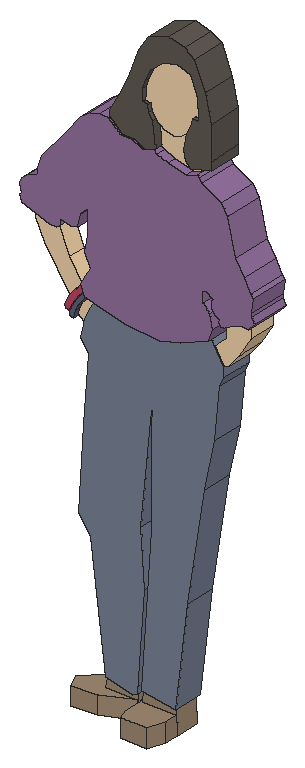
Revit family
Parameters (values of type "Lady")
  Height = 0 mm
  Assembly Code = ""
Types (2): name
  Man
  Lady
Reference planes
  plane 1 "Center (Front/Back)": y = 0
  plane 2: z = 0
  plane 3 "Center (Left/Right)": x = -11.745
Forms (mm)
  Extrusion 1, solid, material "Fabric - Suede Brown"
    sketch origin (-177.178, 0, 0) x (1, 0, 0) y (0, 1, 0)
      loop
        line (137.832, -25) -> (137.832, -99.027) -> (149.299, -130.532) -> (223.885, -130.532) -> (239.929, -83.935) -> (239.929, -25) -> (137.832, -25)
    from 0 to 52.301
  Extrusion 2, solid, material "Fabric - Suede Brown"
    sketch origin (221.076, 0, 10.485) x (-1, 0, 0) y (0, 0, -1)
      loop
        line (158.722, -56.789) -> (252.364, -71.078) -> (260.375, 10) -> (155.222, 10) -> (158.722, -56.789)
    from -24.379 to 44.359
  Extrusion 3, solid, material "Fabric - Chocolate Brown"
    sketch origin (0, 0, 0) x (1, 0, 0) y (0, 0, 1)
      loop
        line (-119.673, 1519.841) -> (-104.356, 1506.127) -> (-84.457, 1486.228) -> (-49.328, 1486.228) -> (-22.833, 1470.932) -> (10.301, 1481.698) -> (4.21, 1551.432) -> (-7.628, 1569.201) -> (-11.745, 1587.387) -> (-26.586, 1590.542) -> (-25.798, 1624.365) -> (-17.248, 1647.857) -> (-2.456, 1679.578) -> (35.004, 1711.011) -> (73.979, 1720.009) -> (111.79, 1706.247) -> (117.41, 1692.339) -> (129.77, 1654.297) -> (134.441, 1600.824) -> (130.906, 1597.288) -> (117.653, 1597.288) -> (114.534, 1582.616) -> (109.404, 1568.521) -> (99.404, 1551.2) -> (90.048, 1507.183) -> (98.096, 1482.414) -> (112.192, 1468.317) -> (170.655, 1481.814) -> (170.655, 1506.814) -> (170.655, 1601.037) -> (153.363, 1675.933) -> (123.395, 1750.108) -> (93.83, 1768.841) -> (49.013, 1780.85) -> (-9.752, 1761.757) -> (-37.063, 1718.655) -> (-62.714, 1648.179) -> (-94.673, 1579.643) -> (-119.673, 1536.341) -> (-119.673, 1519.841)
    from -38.838 to 54.935
  Extrusion 4, solid, material "Fabric - Pale Skin"
    sketch origin (0, 0, 0) x (1, 0, 0) y (0, 0, 1)
      loop
        line (74.654, 1719.763) -> (34.344, 1710.457) -> (-2.456, 1679.578) -> (-25.798, 1624.365) -> (-26.586, 1590.542) -> (-11.745, 1587.387) -> (-7.628, 1569.201) -> (4.21, 1551.432) -> (28.848, 1531.953) -> (53.302, 1526.755) -> (78.076, 1534.33) -> (99.287, 1551.506) -> (109.904, 1569.895) -> (114.534, 1582.616) -> (117.653, 1597.288) -> (130.906, 1597.288) -> (134.441, 1600.824) -> (128.94, 1663.8) -> (111.79, 1706.247) -> (74.654, 1719.763)
    from -25 to 45
  Extrusion 5, solid, material "Fabric - Pale Skin"
    sketch origin (0, 0, 0) x (1, 0, 0) y (0, 0, 1)
      loop
        line (99.504, 1551.672) -> (77.021, 1534.462) -> (53.302, 1526.755) -> (28.848, 1531.953) -> (4.21, 1551.432) -> (10.301, 1481.698) -> (19.183, 1475.72) -> (50.619, 1462.376) -> (101.548, 1449.678) -> (132.891, 1458.666) -> (112.192, 1468.317) -> (99.109, 1482.652) -> (90.479, 1509.213) -> (99.504, 1551.672)
    from -15.375 to 33.561
  Extrusion 6, solid, material "Fabric - Pale Skin"
    sketch origin (0, 0, 0) x (1, 0, 0) y (0, 0, 1)
      loop
        line (-352.673, 1211.841) -> (-348.942, 1171.639) -> (-323.585, 1117.26) -> (-250.058, 1004.04) -> (-244.713, 1015.503) -> (-232.626, 1029.907) -> (-214.949, 1047.585) -> (-252.586, 1105.541) -> (-286.3, 1188.987) -> (-352.673, 1211.841)
    from -20 to 30
  Extrusion 7, solid, material "Fabric - Pale Skin"
    sketch origin (0, 0, 0) x (1, 0, 0) y (0, 0, 1)
      loop
        line (-194.673, 1026.341) -> (-218.655, 999.707) -> (-230.416, 967.753) -> (-201.653, 945.281) -> (-194.12, 975.493) -> (-177.143, 1008.812) -> (-194.673, 1026.341)
    from -20 to 30
  Extrusion 8, solid, material "Fabric - Cadinal Red"
    sketch origin (0, 0, 0) x (1, 0, 0) y (0, 0, 1)
      loop
        line (-214.949, 1047.585) -> (-223.787, 1038.746) -> (-244.713, 1015.503) -> (-250.058, 1004.04) -> (-257.617, 986.554) -> (-254.901, 978.667) -> (-249.016, 974.546) -> (-245.068, 975.604) -> (-240.848, 983.888) -> (-230.259, 1004.67) -> (-216.872, 1023.788) -> (-202.73, 1037.93) -> (-200.84, 1041.982) -> (-200.84, 1045.156) -> (-203.696, 1048.012) -> (-208.526, 1049.306) -> (-214.949, 1047.585)
    from -30 to 40.636
  Extrusion 9, solid, material "Fabric - Sapphire Blue"
    sketch origin (0, 0, 0) x (1, 0, 0) y (0, 0, 1)
      loop
        line (-202.066, 1038.108) -> (-216.585, 1023.59) -> (-229.525, 1004.405) -> (-244.292, 975.422) -> (-244.292, 963.633) -> (-238.58, 959.633) -> (-232.838, 961.171) -> (-226.358, 982.118) -> (-219.103, 999.209) -> (-194.673, 1026.341) -> (-192.673, 1031.416) -> (-194.562, 1036.635) -> (-198.571, 1039.044) -> (-202.066, 1038.108)
    from -30 to 41.582
  Extrusion 10, solid, material "Fabric - Pale Skin"
    sketch origin (0, 0, 0) x (1, 0, 0) y (0, 0, 1)
      loop
        line (212.327, 1099.841) -> (208.827, 1097.821) -> (208.827, 1066.591) -> (197.729, 1055.493) -> (176.516, 1034.28) -> (188.806, 1012.992) -> (201.306, 991.341) -> (216.662, 1000.207) -> (245.488, 1034.56) -> (279.932, 1089.684) -> (279.932, 1119.684) -> (256.379, 1119.684) -> (238.308, 1114.841) -> (212.327, 1099.841)
    from -25 to 50
  Extrusion 11, solid, material "Fabric - Purple"
    sketch origin (0, 0, 0) x (1, 0, 0) y (0, 0, 1)
      loop
        line (136.306, 1461.334) -> (132.891, 1458.666) -> (101.548, 1449.678) -> (50.619, 1462.376) -> (19.396, 1475.163) -> (9.886, 1481.563) -> (-22.833, 1470.932) -> (-49.328, 1486.228) -> (-84.457, 1486.228) -> (-104.356, 1506.127) -> (-118.087, 1518.422) -> (-144.432, 1518.422) -> (-173.409, 1510.657) -> (-197.984, 1493.45) -> (-240.111, 1437.545) -> (-310.297, 1353.901) -> (-321.692, 1320.808) -> (-321.692, 1303.094) -> (-347.83, 1291.456) -> (-365.083, 1278.793) -> (-370.415, 1263.308) -> (-365.253, 1240.949) -> (-370.34, 1235.863) -> (-365.841, 1216.375) -> (-285.129, 1188.584) -> (-267.614, 1188.584) -> (-255.926, 1197.163) -> (-255.926, 1211.655) -> (-226.873, 1203.87) -> (-207.385, 1208.369) -> (-197.033, 1247.007) -> (-179.355, 1264.684) -> (-179.355, 1195.851) -> (-187.169, 1151.534) -> (-170.9, 1114.992) -> (-178.127, 1101.954) -> (-197.49, 1067.022) -> (-186.252, 1039.206) -> (-160.265, 1032.243) -> (-71.784, 1008.534) -> (27.973, 1001.559) -> (86.802, 1017.322) -> (165.612, 1049.163) -> (178.884, 1082.013) -> (168.977, 1118.987) -> (148.327, 1139.637) -> (148.327, 1169.637) -> (159.085, 1174.427) -> (180.556, 1159.393) -> (175.311, 1154.148) -> (174.186, 1138.053) -> (184.347, 1123.542) -> (196.634, 1114.938) -> (194.683, 1107.655) -> (199.843, 1097.976) -> (208.827, 1097.976) -> (212.327, 1099.841) -> (239.219, 1114.178) -> (257.167, 1118.987) -> (279.932, 1118.987) -> (296.016, 1135.071) -> (287.881, 1153.341) -> (287.881, 1163.395) -> (294.827, 1202.788) -> (286.063, 1211.552) -> (269.794, 1248.094) -> (243.202, 1289.042) -> (221.23, 1384.213) -> (203.73, 1414.524) -> (147.438, 1447.024) -> (141.859, 1457.088) -> (136.306, 1461.334)
    from -50.288 to 60
  Extrusion 12, solid, material "Fabric - Denim Blue"
    sketch origin (0, 0, 0) x (1, 0, 0) y (0, 0, 1)
      loop
        line (-163.995, 1033.242) -> (-177.143, 1008.812) -> (-194.12, 975.493) -> (-201.653, 945.281) -> (-204.944, 925.564) -> (-193.951, 906.524) -> (-183.729, 888.818) -> (-196.634, 704.269) -> (-212.678, 474.829) -> (-178.263, 425.68) -> (-133.84, 82.759) -> (-57.119, 65.046) -> (-44.107, 72.107) -> (-22.454, 344.557) -> (-36.079, 500.288) -> (-3.675, 808.589) -> (-3.675, 503.589) -> (-33.082, 83.053) -> (63.366, 67.777) -> (98.245, 351.843) -> (146.74, 658.026) -> (175.847, 794.967) -> (191.004, 939.173) -> (201.306, 964.671) -> (201.306, 991.341) -> (181.516, 1025.619) -> (176.516, 1034.28) -> (165.612, 1049.163) -> (86.802, 1017.322) -> (27.973, 1001.559) -> (-75.329, 1008.782) -> (-163.995, 1033.242)
    from -37.058 to 50
  Extrusion 13, solid, material "Fabric - Suede Brown"
    sketch origin (125.807, 0, 10.485) x (-1, 0, 0) y (0, 0, -1)
      loop
        line (258.808, -68.764) -> (276.992, 10) -> (171.058, 10) -> (169.85, -59.169) -> (181.885, -53.811) -> (258.808, -68.764)
    from -24.379 to 44.359
  Extrusion 14, solid, material "Fabric - Suede Brown"
    sketch origin (-182.087, 151.983, 0) x (0.406737, -0.913545, 0) y (0.913545, 0.406737, 0)
      loop
        line (232.331, 47.335) -> (217.706, 53.847) -> (184.899, -19.84) -> (148.081, -3.447) -> (135.93, -30.739) -> (138.351, -53.771) -> (162.025, -118.813) -> (208.437, -118.813) -> (232.331, -49.421) -> (232.331, 47.335)
    from 0 to 52.301
Lines and regions (mm)
  sketch lines
    curve 1: line (-2000, 2000, 0) -> (2000, 2000, 0)
    curve 2: line (-2000, 2000, 0) -> (-2000, -2000, 0)
    curve 3: line (-2000, -2000, 0) -> (2000, -2000, 0)
    curve 4: line (2000, 2000, 0) -> (2000, -2000, 0)
